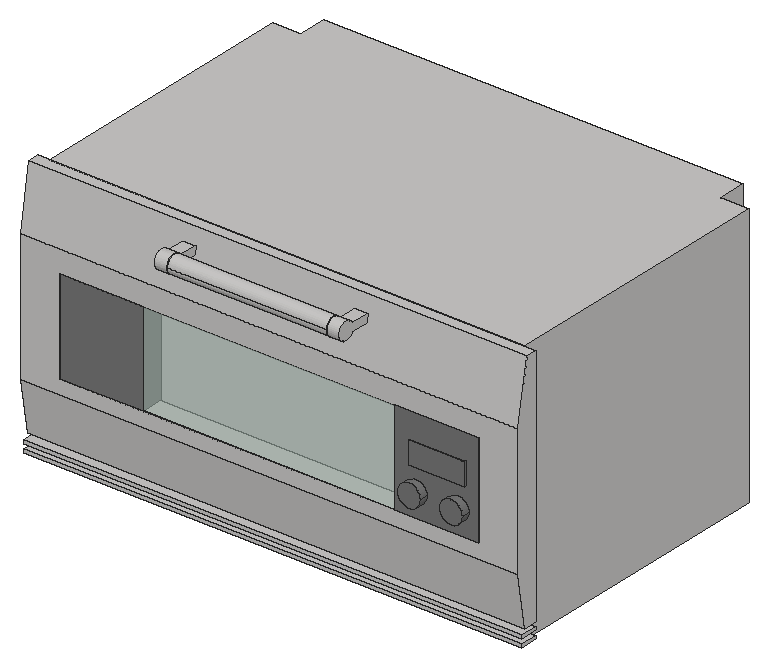
Revit family "EB333611", category Generic Models, Revit 2014
Parameters (values of type "EB333611")
  Width = 890 mm
  Unit = Metal Panel
  URL = "http://www.gaggenau.com."
  Support = Black
  Model = "EB333611"
  Manufacturer = "Gaggenau"
  Height = 480 mm
  Handle = Metal Panel
  Glass = Glass, Green
  Door = Metal Panel
  Description = "Gaggenau 36\" Convection oven, pyrolitic, TFT, stainless steel"
  Depth = 550 mm
Reference planes
  plane 1 "Center (Front/Back)": y = 0
  plane 2: z = 0
  plane 3 "Center (Left/Right)": x = 0
  plane 4: x = -445
  plane 5: x = 445
  plane 6: z = 480
  plane 7: y = 275
  plane 8: y = -275
  plane 9: y = -296
  plane 10: x = -425
  plane 11: x = 425
  plane 12: y = -315
  plane 13: y = -365
  plane 14: z = 470
Forms (mm)
  Extrusion 1, solid, material "Metal Panel" <- "Unit"
    sketch origin (0, 0, 0) x (1, 0, 0) y (0, 1, 0)
      loop
        line (-375, 275) -> (-375, 225) -> (-425, 225) -> (-425, -275) -> (425, -275) -> (425, 225) -> (375, 225) -> (375, 275) -> (-375, 275)
    from 0 to 470
  Extrusion 2, solid, material "Metal Panel" <- "Door"
    sketch origin (0, 0, 0) x (0, 1, 0) y (0, 0, 1)
      loop
        line (-275, 470) -> (-296, 470) -> (-315, 362.246) -> (-315, 127.754) -> (-298.645, 35) -> (-275, 35) -> (-275, 470)
      loop
        line (-275, 27.757) -> (-306.481, 27.757) -> (-306.481, 21.82) -> (-275, 21.82) -> (-275, 27.757)
      loop
        line (-275, 12.913) -> (-306.481, 12.913) -> (-306.481, 7.4) -> (-275, 7.4) -> (-275, 12.913)
    from -445 to 445
  Extrusion 3, void
    sketch origin (0, 0, 0) x (1, 0, 0) y (0, 0, 1)
      loop
        line (-375, 322.773) -> (-375, 154.723) -> (375, 154.723) -> (375, 322.773) -> (-375, 322.773)
    from 315 to 275
  Extrusion 4, solid, material "Black" <- "Support"
    sketch origin (0, 0, 0) x (1, 0, 0) y (0, 0, 1)
      loop
        line (-375, 322.773) -> (-375, 154.723) -> (-225, 154.723) -> (-225, 322.773) -> (-375, 322.773)
      loop
        line (375, 322.773) -> (225, 322.773) -> (225, 154.723) -> (375, 154.723) -> (375, 322.773)
    from 315 to 275
  Extrusion 5, solid, material "Glass, Green" <- "Glass"
    sketch origin (0, 0, 0) x (1, 0, 0) y (0, 0, 1)
      loop
        line (-225, 322.773) -> (-225, 154.723) -> (225, 154.723) -> (225, 322.773) -> (-225, 322.773)
    from 315 to 275
  Extrusion 6, solid, material "Black" <- "Support"
    sketch origin (0, 0, 0) x (1, 0, 0) y (0, 0, 1)
      loop
        line (251.286, 277.19) -> (251.286, 237.19) -> (351.286, 237.19) -> (351.286, 277.19) -> (251.286, 277.19)
    from 316.857 to 315
  Extrusion 7, solid, material "Black" <- "Support"
    sketch origin (0, 0, 0) x (1, 0, 0) y (0, 0, 1)
      loop
        circle (262.132, 196.892) r 20
      loop
        circle (337.132, 196.892) r 20
    from 329.528 to 315
  Extrusion 8, solid, material "Metal Panel" <- "Handle"
    sketch origin (60, 0, 0) x (0, 1, 0) y (0, 0, 1)
      loop
        line (-299.414, 442.711) -> (-335.664, 442.711)
        arc (-335.664, 442.711) -> (-365.001, 435.703) -> (-335.664, 428.695) r 15.506
        line (-335.664, 428.695) -> (-299.414, 428.695) -> (-299.414, 442.711)
    from -225 to -202.5
  Extrusion 9, solid, material "Metal Panel" <- "Handle"
    sketch origin (-60, 0, 0) x (0, 1, 0) y (0, 0, -1)
      loop
        line (-299.414, -442.711) -> (-299.414, -428.695) -> (-335.664, -428.695)
        arc (-335.664, -428.695) -> (-365.001, -435.703) -> (-335.664, -442.711) r 15.506
        line (-335.664, -442.711) -> (-299.414, -442.711)
    from -225 to -202.5
  Extrusion 10, solid, material "Metal Panel" <- "Handle"
    sketch origin (0, 0, 0) x (0, 1, 0) y (0, 0, 1)
      loop
        circle (-349.495, 435.703) r 15.506
    from -142.5 to 142.5
Cuts and joins
  Extrusion 3 cuts Extrusion 1
  Extrusion 3 cuts Extrusion 2
Dimensions and locks
  "Width": plane 4 to plane 5
  equal spacing: plane 4, plane 3 "Center (Left/Right)", plane 5
  "Height": plane 6 to level
  equal spacing: plane 7, plane 1 "Center (Front/Back)", plane 8
  "Depth": plane 7 to plane 8
  locked: plane 8 to plane 9 at 21
  equal spacing: plane 10, plane 3 "Center (Left/Right)", plane 11
  plane 8 to plane 12 = 40 mm
  plane 8 to plane 13 = 90 mm
  plane 14 to level = 470 mm
  aligned and locked: level to plane 2
Automatic sketch dimensions
  Extrusion 1 sketch curve to plane 8 = 0 mm
  Extrusion 1 sketch curve to plane 10 = 0 mm
  Extrusion 1 sketch curve to plane 7 = 0 mm
  Extrusion 1 sketch curve to plane 11 = 0 mm
  plane 10 to Extrusion 1 sketch curve = 50 mm
  Extrusion 1 sketch curve to Extrusion 1 sketch curve = 50 mm
  Extrusion 1 sketch curve to plane 7 = 50 mm  (x2)
  Extrusion 2 sketch curve to plane 12 = 0 mm
  Extrusion 2 sketch curve to plane 9 = 0 mm
  Extrusion 2 sketch curve to plane 8 = 0 mm  (x3)
  Extrusion 2 sketch curve to plane 14 = 0 mm
  plane 12 to Extrusion 2 sketch curve = 8.519 mm  (x2)
  Extrusion 2 sketch curve to plane 9 = 2.645 mm
  Extrusion 2 sketch curve to plane 14 = 107.754 mm
  level to Extrusion 2 sketch curve = 127.754 mm
  level to Extrusion 2 sketch curve = 35 mm
  Extrusion 2 sketch curve to Extrusion 2 sketch curve = 7.243 mm
  Extrusion 2 sketch curve to Extrusion 2 sketch curve = 5.938 mm
  Extrusion 2 sketch curve to Extrusion 2 sketch curve = 8.907 mm
  Extrusion 2 sketch curve to Extrusion 2 sketch curve = 5.514 mm
  plane 10 to Extrusion 3 sketch curve = 50 mm
  Extrusion 3 sketch curve to plane 11 = 50 mm
  level to Extrusion 3 sketch curve = 154.723 mm
  Extrusion 3 sketch curve to plane 14 = 147.227 mm
  plane 10 to Extrusion 4 sketch curve = 50 mm
  Extrusion 4 sketch curve to Extrusion 4 sketch curve = 150 mm
  Extrusion 4 sketch curve to plane 11 = 200 mm
  Extrusion 4 sketch curve to plane 11 = 50 mm
  level to Extrusion 4 sketch curve = 154.723 mm  (x2)
  Extrusion 4 sketch curve to plane 14 = 147.227 mm  (x2)
  plane 10 to Extrusion 5 sketch curve = 200 mm
  Extrusion 5 sketch curve to plane 11 = 200 mm
  level to Extrusion 5 sketch curve = 154.723 mm
  Extrusion 5 sketch curve to plane 14 = 147.227 mm
  Extrusion 6 sketch curve to plane 11 = 173.714 mm
  Extrusion 6 sketch curve to plane 11 = 73.714 mm
  Extrusion 6 sketch curve to plane 14 = 232.81 mm
  Extrusion 6 sketch curve to Extrusion 6 sketch curve = 40 mm
  Extrusion 7 sketch curve to plane 11 = 162.868 mm
  Extrusion 7 sketch curve to Extrusion 7 sketch curve = 75 mm
  level to Extrusion 7 sketch curve = 196.892 mm
  Extrusion 7 sketch curve to Extrusion 7 sketch curve = 0 mm
  plane 13 to Extrusion 8 sketch curve = 15.505 mm
  Extrusion 8 sketch curve to Extrusion 8 sketch curve = 13.832 mm
  Extrusion 8 sketch curve to Extrusion 8 sketch curve = 0 mm
  Extrusion 8 sketch curve to plane 9 = 3.414 mm
  Extrusion 8 sketch curve to plane 14 = 41.305 mm
  Extrusion 8 sketch curve to Extrusion 8 sketch curve = 7.008 mm
  plane 13 to Extrusion 9 sketch curve = 15.505 mm
  Extrusion 9 sketch curve to Extrusion 9 sketch curve = 13.832 mm
  Extrusion 9 sketch curve to Extrusion 9 sketch curve = 0 mm
  Extrusion 9 sketch curve to plane 9 = 3.414 mm
  Extrusion 9 sketch curve to plane 14 = 27.289 mm
  Extrusion 9 sketch curve to Extrusion 9 sketch curve = 7.008 mm
  plane 13 to Extrusion 10 sketch curve = 15.505 mm
  Extrusion 10 sketch curve to plane 14 = 34.297 mm
  radius of Extrusion 7 sketch curve = 20 mm  (x2)
  radius of Extrusion 10 sketch curve = 15.506 mm
